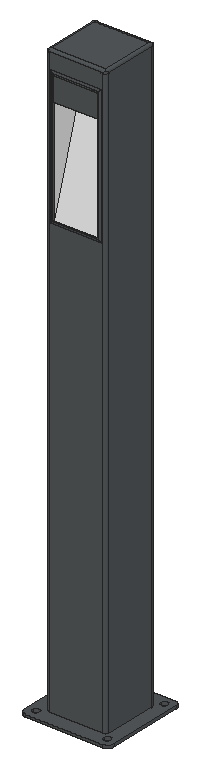
Revit family "svetilnik_alfresco_ar deko_dtu19", category Lighting Fixtures, Revit 2016 (continued)
Definition of nested family "Источник света Ар_Деко"
  Types (5, lengths in mm): name | Photometric Web File | built-in parameter 1150142
        18.3      12.6       8.4       3.3       0.6\r\n       0.2       0.2       0.2       0.2       0.2       0.2       0.2       0.2\r\n       0.2       0.2       0.2       0.2       0.2       0.2       0.2       0.2\r\n       0.2       0.2       0.2       0.2       0.2       0.2       0.2       0.2\r\n       0.2       0.2       0.2       0.2       0.2       0.2       0.2       0.2\r\n       0.2       0.2       0.2       0.2       0.2       0.2       0.2       0.2\r\n       0.2       0.2       0.2       0.2       0.2       0.2       0.2       0.2\r\n       0.2       0.2       0.2       0.2       0.2       0.2       0.2       0.2\r\n       0.2       0.2       0.2       0.2       0.2       0.2       0.2       0.2\r\n       0.2       0.2       0.2       0.2       0.2       0.2       0.2       0.2\r\n       0.2       0.2       0.2       0.2       0.2       0.2       0.2       0.2\r\n       0.2       0.2       0.2       0.1       0.1       0.1       0.0       0.0\r\n       0.0       0.0       0.0       0.0       0.0\r\n       0.0       0.0       0.2       0.2       0.2       0.1       0.1       0.2\r\n       0.2       0.3       0.2       0.2       0.2       0.2       0.2       0.2\r\n       0.2       0.2       0.2       0.3       0.6       2.7      10.0      28.9\r\n      51.0      69.2      82.1      91.1     103.5     113.1     127.6     143.3\r\n     158.5     173.3     196.4     215.0     231.0     240.4     240.3     239.1\r\n     237.0     235.1     233.5     232.1     228.9     227.1     223.9     220.4\r\n     219.1     214.1     212.3     207.8     204.4     201.8     198.0     193.8\r\n     191.4     186.6     180.5     176.2     173.2     168.0     163.0     160.5\r\n     156.7     150.9     145.9     140.9     136.2     130.4     122.4     110.3\r\n      97.0      85.8      78.2      68.9      63.0      55.0      48.3      42.6\r\n      36.3      30.9      24.8      18.3      13.3       8.7       3.3       0.6\r\n       0.2       0.2       0.2       0.2       0.2       0.2       0.2       0.2\r\n       0.2       0.2       0.2       0.2       0.2       0.2       0.2       0.2\r\n       0.2       0.2       0.2       0.2       0.2       0.2       0.2       0.2\r\n       0.2       0.2       0.2       0.2       0.2       0.2       0.2       0.2\r\n       0.2       0.2       0.2       0.2       0.2       0.2       0.2       0.2\r\n       0.2       0.2       0.2       0.2       0.2       0.2       0.2       0.2\r\n       0.2       0.2       0.2       0.2       0.2       0.2       0.2       0.2\r\n       0.2       0.2       0.2       0.2       0.2       0.2       0.2       0.2\r\n       0.2       0.2       0.2       0.2       0.2       0.2       0.2       0.2\r\n       0.2       0.2       0.2       0.2       0.2       0.2       0.2       0.2\r\n       0.2       0.2       0.2       0.1       0.1       0.1       0.0       0.0\r\n       0.0       0.0       0.0       0.0       0.0\r\n       0.0       0.0       0.2       0.2       0.2       0.1       0.1       0.2\r\n       0.2       0.3       0.2       0.2       0.2       0.2       0.2       0.2\r\n       0.2       0.2       0.3       1.1       4.9      21.5      39.7      75.9\r\n     102.0     121.2     138.1     153.3     165.6     179.3     196.4     209.4\r\n     231.7     246.7     263.9     273.7     274.7     271.7     270.1     265.3\r\n     265.4     262.5     259.9     256.1     251.1     249.9     245.6     244.8\r\n     240.7     238.6     235.2     233.0     230.2     225.6     220.7     217.4\r\n     214.1     210.5     206.8     202.6     196.6     191.8     189.1     184.1\r\n     177.9     172.6     168.1     161.2     152.0     138.5     121.7     106.8\r\n      94.8      84.9      75.3      68.9      61.2      53.9      48.6      40.9\r\n      36.0      29.0      22.0      16.2      11.8       6.1       1.6       0.2\r\n       0.2       0.2       0.2       0.2       0.2       0.2       0.2       0.2\r\n       0.2       0.2       0.2       0.2       0.2       0.2       0.2       0.2\r\n       0.2       0.2       0.2       0.2       0.2       0.2       0.2       0.2\r\n       0.2       0.2       0.2       0.2       0.2       0.2       0.2       0.2\r\n       0.2       0.2       0.2       0.2       0.2       0.2       0.2       0.2\r\n       0.2       0.2       0.2       0.2       0.2       0.2       0.2       0.2\r\n       0.2       0.2       0.2       0.2       0.2       0.2       0.2       0.2\r\n       0.2       0.2       0.2       0.2       0.2       0.2       0.2       0.2\r\n       0.2       0.2       0.2       0.2       0.2       0.2       0.2       0.2\r\n       0.2       0.2       0.2       0.2       0.2       0.2       0.2       0.2\r\n       0.2       0.2       0.2       0.1       0.1       0.1       0.0       0.0\r\n       0.0       0.0       0.0       0.0       0.0\r\n       0.0       0.0       0.2       0.2       0.2       0.1       0.1       0.2\r\n       0.2       0.3       0.3       0.2       0.2       0.2       0.2       0.2\r\n       0.2       0.3       0.8       7.3      26.2      70.9     101.4     129.8\r\n     149.7     165.0     184.1     199.7     216.8     231.7     252.9     274.3\r\n     302.0     310.8     310.9     308.5     306.9     304.8     302.2     300.3\r\n     297.0     295.9     293.4     290.5     289.5     284.5     285.9     282.2\r\n     279.0     275.3     271.1     268.2     265.3     262.7     257.2     252.7\r\n     248.0     243.1     238.0     233.9     229.0     222.8     217.6     211.7\r\n     207.8     201.7     193.5     180.9     162.7     143.0     125.4     113.7\r\n     101.9      91.7      84.5      72.8      65.7      58.1      50.2      42.9\r\n      37.5      29.7      23.2      17.6      12.2       5.3       1.0       0.2\r\n       0.2       0.2       0.2       0.2       0.2       0.2       0.2       0.2\r\n       0.2       0.2       0.2       0.2       0.2       0.2       0.2       0.2\r\n       0.2       0.2       0.2       0.2       0.2       0.2       0.2       0.2\r\n       0.2       0.2       0.2       0.2       0.2       0.2       0.2       0.2\r\n       0.2       0.2       0.2       0.2       0.2       0.2       0.2       0.2\r\n       0.2       0.2       0.2       0.2       0.2       0.2       0.2       0.2\r\n       0.2       0.2       0.2       0.2       0.2       0.2       0.2       0.2\r\n       0.2       0.2       0.2       0.2       0.2       0.2       0.2       0.2\r\n       0.2       0.2       0.2       0.2       0.2       0.2       0.2       0.2\r\n       0.2       0.2       0.2       0.2       0.2       0.2       0.2       0.2\r\n       0.2       0.2       0.2       0.1       0.1       0.1       0.0       0.0\r\n       0.0       0.0       0.0       0.0       0.0\r\n       0.0       0.0       0.2       0.2       0.2       0.1       0.1       0.2\r\n       0.2       0.3       0.3       0.2       0.2       0.2       0.2       0.2\r\n       0.2       0.8       6.1      31.8      73.5     116.2     144.5     165.1\r\n     184.2     200.7     222.1     245.2     266.4     285.2     315.5     329.3\r\n     337.4     337.7     335.2     329.7     330.8     328.7     327.2     327.9\r\n     326.1     324.2     320.9     317.8     315.7     316.1     312.0     310.4\r\n     306.6     302.1     301.1     296.1     292.2     286.6     281.7     279.1\r\n     273.5     268.1     263.5     257.3     251.2     245.9     240.8     234.8\r\n     227.9     217.7     203.8     180.2     154.4     136.6     127.3     113.7\r\n     105.4      95.2      85.8      77.4      70.0      60.7      52.1      45.5\r\n      35.2      27.1      20.6      16.0       9.7       2.6       0.2       0.2\r\n       0.2       0.2       0.2       0.2       0.2       0.2       0.2       0.2\r\n       0.2       0.2       0.2       0.2       0.2       0.2       0.2       0.2\r\n       0.2       0.2       0.2       0.2       0.2       0.2       0.2       0.2\r\n       0.2       0.2       0.2       0.2       0.2       0.2       0.2       0.2\r\n       0.2       0.2       0.2       0.2       0.2       0.2       0.2       0.2\r\n       0.2       0.2       0.2       0.2       0.2       0.2       0.2       0.2\r\n       0.2       0.2       0.2       0.2       0.2       0.2       0.2       0.2\r\n       0.2       0.2       0.2       0.2       0.2       0.2       0.2       0.2\r\n       0.2       0.2       0.2       0.2       0.2       0.2       0.2       0.2\r\n       0.2       0.2       0.2       0.2       0.2       0.2       0.2       0.2\r\n       0.2       0.2       0.2       0.1       0.1       0.1       0.0       0.0\r\n       0.0       0.0       0.0       0.0       0.0\r\n       0.0       0.0       0.2       0.2       0.2       0.1       0.1       0.2\r\n       0.2       0.3       0.3       0.2       0.2       0.2       0.2       0.2\r\n       0.5       5.2      27.5      78.0     123.6     152.7     172.7     192.1\r\n     210.3     233.5     261.9     289.8     322.4     351.4     369.7     368.6\r\n     370.3     369.8     368.0     371.7     371.5     367.1     365.4     364.6\r\n     361.0     360.0     356.9     354.0     350.0     347.4     341.3     337.9\r\n     334.6     331.8     329.6     323.8     318.5     314.3     309.9     304.3\r\n     298.2     294.0     289.4     282.3     276.5     269.7     261.9     254.8\r\n     243.0     224.7     200.3     174.0     157.5     144.6     132.6     122.4\r\n     113.8     102.2      93.1      86.9      76.4      67.9      59.8      50.0\r\n      37.7      30.5      22.5      16.5       8.8       1.1       0.3       0.2\r\n       0.2       0.2       0.2       0.2       0.2       0.2       0.2       0.2\r\n       0.2       0.2       0.2       0.2       0.2       0.2       0.2       0.2\r\n       0.2       0.2       0.2       0.2       0.2       0.2       0.2       0.2\r\n       0.2       0.2       0.2       0.2       0.2       0.2       0.2       0.2\r\n       0.2       0.2       0.2       0.2       0.2       0.2       0.2       0.2\r\n       0.2       0.2       0.2       0.2       0.2       0.2       0.2       0.2\r\n       0.2       0.2       0.2       0.2       0.2       0.2       0.2       0.2\r\n       0.2       0.2       0.2       0.2       0.2       0.2       0.2       0.2\r\n       0.2       0.2       0.2       0.2       0.2       0.2       0.2       0.2\r\n       0.2       0.2       0.2       0.2       0.2       0.2       0.2       0.2\r\n       0.2       0.2       0.2       0.1       0.1       0.1       0.0       0.0\r\n       0.0       0.0       0.0       0.0       0.0\r\n       0.0       0.0       0.3       0.2       0.2       0.1       0.1       0.2\r\n       0.2       0.3       0.3       0.3       0.2       0.2       0.2       0.3\r\n       3.1      21.2      67.2     118.9     156.9     184.0     202.8     224.9\r\n     253.9     283.1     315.6     351.6     390.7     398.7     404.7     404.9\r\n     404.1     402.5     399.5     401.0     395.8     396.0     393.3     387.9\r\n     383.9     378.4     376.8     375.3     374.9     368.0     365.2     359.1\r\n     356.1     353.7     346.7     343.1     340.7     334.6     331.1     325.6\r\n     321.5     314.4     307.8     301.5     294.9     287.3     278.6     264.0\r\n     242.6     216.2     191.0     176.3     163.3     148.6     138.2     129.7\r\n     117.6     106.6      99.5      89.8      77.6      69.3      60.2      49.1\r\n      37.9      29.4      21.7      13.5       5.2       0.5       0.2       0.2\r\n       0.2       0.2       0.2       0.2       0.2       0.2       0.2       0.2\r\n       0.2       0.2       0.2       0.2       0.2       0.2       0.2       0.2\r\n       0.2       0.2       0.2       0.2       0.2       0.2       0.2       0.2\r\n       0.2       0.2       0.2       0.2       0.2       0.2       0.2       0.2\r\n       0.2       0.2       0.2       0.2       0.2       0.2       0.2       0.2\r\n       0.2       0.2       0.2       0.2       0.2       0.2       0.2       0.2\r\n       0.2       0.2       0.2       0.2       0.2       0.2       0.2       0.2\r\n       0.2       0.2       0.2       0.2       0.2       0.2       0.2       0.2\r\n       0.2       0.2       0.2       0.2       0.2       0.2       0.2       0.2\r\n       0.2       0.2       0.2       0.2       0.2       0.2       0.2       0.2\r\n       0.2       0.2       0.2       0.1       0.1       0.1       0.0       0.0\r\n       0.0       0.0       0.0       0.0       0.0\r\n       0.0       0.0       0.3       0.2       0.2       0.1       0.1       0.2\r\n       0.2       0.3       0.3       0.3       0.2       0.2       0.2       0.8\r\n      14.4      52.6     107.3     151.6     183.7     211.6     239.1     268.3\r\n     305.2     333.6     383.3     426.3     441.7     443.4     441.4     439.5\r\n     435.1     431.8     433.1     424.9     425.2     417.8     414.7     416.5\r\n     413.6     411.5     407.3     403.6     395.5     395.7     393.1     391.3\r\n     388.2     378.2     373.8     367.2     362.1     358.5     352.9     349.2\r\n     342.4     334.7     331.1     325.3     318.6     306.8     291.4     265.3\r\n     241.4     218.7     201.0     186.3     170.9     159.8     148.3     134.4\r\n     120.9     111.0     104.0      92.3      85.0      75.3      63.7      51.4\r\n      43.0      35.2      25.7      13.3       3.6       0.2       0.2       0.2\r\n       0.2       0.2       0.2       0.2       0.2       0.2       0.2       0.2\r\n       0.2       0.2       0.2       0.2       0.2       0.2       0.2       0.2\r\n       0.2       0.2       0.2       0.2       0.2       0.2       0.2       0.2\r\n       0.2       0.2       0.2       0.2       0.2       0.2       0.2       0.2\r\n       0.2       0.2       0.2       0.2       0.2       0.2       0.2       0.2\r\n       0.2       0.2       0.2       0.2       0.2       0.2       0.2       0.2\r\n       0.2       0.2       0.2       0.3       0.2       0.2       0.2       0.2\r\n       0.2       0.2       0.2       0.2       0.2       0.2       0.2       0.2\r\n       0.2       0.2       0.2       0.2       0.2       0.2       0.2       0.2\r\n       0.2       0.2       0.2       0.2       0.2       0.2       0.2       0.2\r\n       0.2       0.2       0.2       0.1       0.1       0.1       0.0       0.0\r\n       0.0       0.1       0.0       0.0       0.0\r\n       0.0       0.0       0.3       0.2       0.2       0.2       0.1       0.2\r\n       0.2       0.3       0.3       0.3       0.3       0.2       0.4       4.2\r\n      38.7      91.8     142.6     177.8     210.1     239.1     276.4     319.6\r\n     356.1     408.2     452.9     472.9     474.4     473.3     472.7     468.8\r\n     466.3     465.9     461.5     459.6     455.0     453.3     452.5     448.0\r\n     447.8     444.2     441.8     436.9     433.1     428.9     427.2     417.4\r\n     413.7     412.0     407.4     404.9     399.7     391.7     385.5     376.6\r\n     370.7     366.2     360.9     352.0     341.6     328.1     301.2     273.9\r\n     248.3     231.6     221.1     202.5     186.2     176.7     160.2     147.4\r\n     136.6     124.4     112.1      99.8      92.2      79.9      67.1      55.4\r\n      44.8      37.5      24.3       9.8       1.5       0.3       0.2       0.2\r\n       0.2       0.2       0.2       0.2       0.2       0.2       0.2       0.2\r\n       0.2       0.2       0.2       0.2       0.2       0.2       0.2       0.2\r\n       0.2       0.2       0.2       0.2       0.2       0.2       0.2       0.2\r\n       0.2       0.2       0.2       0.2       0.2       0.2       0.2       0.2\r\n       0.2       0.2       0.2       0.2       0.2       0.2       0.2       0.2\r\n       0.2       0.2       0.2       0.2       0.2       0.2       0.2       0.2\r\n       0.2       0.2       0.2       0.2       0.3       0.2       0.2       0.2\r\n       0.2       0.2       0.2       0.2       0.2       0.2       0.2       0.2\r\n       0.2       0.2       0.2       0.2       0.2       0.2       0.2       0.2\r\n       0.2       0.2       0.2       0.2       0.2       0.2       0.2       0.2\r\n       0.2       0.2       0.2       0.1       0.1       0.1       0.0       0.0\r\n       0.0       0.1       0.0       0.0       0.0\r\n       0.0       0.0       0.3       0.2       0.2       0.2       0.2       0.2\r\n       0.2       0.3       0.3       0.3       0.3       0.3       1
      .6      17.1\r\n      70.7     127.6     169.2     200.9     233.3     270.9     318.0     360.7\r\n     412.2     478.7     503.3     505.5     507.3     507.4     503.8     503.1\r\n     503.7     501.1     501.8     500.2     497.7     495.5     490.5     489.3\r\n     486.2     483.3     479.6     478.9     475.2     473.6     465.7     460.3\r\n     458.4     453.9     450.2     443.7     436.4     434.0     427.0     424.6\r\n     420.4     413.0     405.2     393.4     376.0     350.9     326.7     296.4\r\n     278.8     261.1     242.1     230.1     219.4     206.0     188.9     175.8\r\n     164.5     149.4     137.8     125.5     112.2      96.6      78.5      64.0\r\n      51.0      39.0      23.5       7.4       1.4       0.2       0.2       0.2\r\n       0.2       0.2       0.2       0.2       0.2       0.2       0.2       0.2\r\n       0.2       0.2       0.2       0.2       0.2       0.2       0.2       0.2\r\n       0.2       0.2       0.2       0.2       0.2       0.2       0.2       0.2\r\n       0.2       0.2       0.2       0.2       0.2       0.2       0.2       0.2\r\n       0.2       0.2       0.2       0.2       0.2       0.2       0.2       0.2\r\n       0.2       0.2       0.2       0.2       0.2       0.2       0.2       0.2\r\n       0.2       0.2       0.2       0.2       0.2       0.2       0.2       0.2\r\n       0.2       0.2       0.2       0.2       0.2       0.2       0.2       0.2\r\n       0.2       0.2       0.2       0.2       0.2       0.2       0.2       0.2\r\n       0.2       0.2       0.2       0.2       0.2       0.2       0.2       0.2\r\n       0.2       0.2       0.2       0.1       0.1       0.1       0.0       0.0\r\n       0.0       0.1       0.0       0.0       0.0\r\n       0.0       0.0       0.3       0.2       0.2       0.2       0.2       0.2\r\n       0.2       0.3       0.3       0.3       0.3       0.3       5.4      42.1\r\n     104.4     155.2     190.4     224.0     260.7     306.6     353.2     401.1\r\n     468.3     505.9     515.3     514.4     515.1     513.3     511.9     512.3\r\n     511.4     508.1     503.7     502.5     502.3     499.8     501.4     499.0\r\n     495.2     490.1     489.9     484.8     484.4     476.4     476.3     476.7\r\n     471.3     463.1     458.1     455.8     447.8     442.1     439.2     432.1\r\n     425.8     417.7     407.5     391.4     367.5     337.0     309.3     291.4\r\n     274.2     260.3     243.4     230.0     218.1     199.7     186.0     177.4\r\n     163.4     147.4     136.6     125.3     106.9      91.7      75.2      63.9\r\n      54.9      38.2      20.3       2.6       0.3       0.2       0.2       0.2\r\n       0.2       0.2       0.2       0.2       0.2       0.2       0.2       0.2\r\n       0.2       0.2       0.2       0.2       0.2       0.2       0.2       0.2\r\n       0.2       0.2       0.2       0.2       0.2       0.2       0.2       0.2\r\n       0.2       0.2       0.2       0.2       0.2       0.2       0.2       0.2\r\n       0.2       0.2       0.2       0.2       0.2       0.2       0.2       0.2\r\n       0.2       0.2       0.2       0.2       0.2       0.2       0.2       0.2\r\n       0.2       0.2       0.2       0.2       0.2       0.2       0.2       0.2\r\n       0.2       0.2       0.2       0.2       0.2       0.2       0.2       0.2\r\n       0.2       0.2       0.2       0.2       0.2       0.2       0.2       0.2\r\n       0.2       0.2       0.2       0.2       0.2       0.2       0.2       0.2\r\n       0.2       0.2       0.2       0.1       0.1       0.1       0.0       0.0\r\n       0.0       0.1       0.0       0.0       0.0\r\n       0.0       0.0       0.3       0.2       0.3       0.2       0.2       0.2\r\n       0.2       0.3       0.3       0.3       0.3       0.5      14.8      70.1\r\n     134.3     177.3     210.4     247.0     291.6     339.1     382.2     449.7\r\n     510.8     519.7     519.7     521.6     521.5     517.1     518.0     517.1\r\n     515.1     514.8     513.7     513.0     512.1     512.4     507.9     502.8\r\n     502.5     500.8     495.2     492.0     487.9     492.2     486.0     476.8\r\n     475.7     472.9     466.5     459.8     457.2     451.4     446.4     441.2\r\n     432.4     420.4     405.7     381.4     353.1     326.7     306.2     291.8\r\n     273.0     256.2     245.4     234.2     216.9     202.7     190.6     180.3\r\n     165.8     148.6     139.2     124.4     105.4      89.4      76.2      64.5\r\n      51.4      33.9      16.4       3.6       0.3       0.2       0.2       0.2\r\n       0.2       0.2       0.2       0.2       0.2       0.2       0.2       0.2\r\n       0.2       0.2       0.2       0.2       0.2       0.2       0.2       0.2\r\n       0.2       0.2       0.2       0.2       0.2       0.2       0.2       0.2\r\n       0.2       0.2       0.2       0.2       0.2       0.2       0.2       0.2\r\n       0.2       0.2       0.2       0.2       0.2       0.2       0.2       0.2\r\n       0.2       0.2       0.2       0.2       0.2       0.2       0.2       0.2\r\n       0.2       0.2       0.2       0.2       0.2       0.2       0.2       0.2\r\n       0.2       0.2       0.2       0.2       0.2       0.2       0.2       0.2\r\n       0.2       0.2       0.2       0.2       0.2       0.2       0.2       0.2\r\n       0.2       0.2       0.2       0.2       0.2       0.2       0.2       0.2\r\n       0.2       0.2       0.2       0.1       0.1       0.1       0.0       0.0\r\n       0.0       0.1       0.0       0.0       0.0\r\n       0.0       0.0       0.3       0.2       0.3       0.2       0.2       0.2\r\n       0.2       0.3       0.3       0.3       0.3       1.4      33.1      96.2\r\n     153.9     193.3     228.3     268.6     317.0     360.6     413.7     488.5\r\n     517.8     521.4     520.2     519.8     521.0     518.9     521.0     519.8\r\n     518.2     519.0     520.0     517.6     516.1     515.6     513.2     511.7\r\n     509.3     504.9     501.8     500.4     497.1     489.2     487.4     484.4\r\n     479.2     472.6     470.9     469.3     462.8     457.2     450.3     443.3\r\n     433.7     420.6     392.5     364.2     337.4     315.8     302.3     283.5\r\n     267.5     254.6     245.0     227.3     209.2     200.5     190.2     172.2\r\n     157.6     146.6     134.6     119.2     103.9      86.7      72.5      63.8\r\n      44.9      26.1       9.7       1.4       0.2       0.2       0.2       0.2\r\n       0.2       0.2       0.2       0.2       0.2       0.2       0.2       0.2\r\n       0.2       0.2       0.2       0.2       0.2       0.2       0.2       0.2\r\n       0.2       0.2       0.2       0.2       0.2       0.2       0.2       0.2\r\n       0.2       0.2       0.2       0.2       0.2       0.2       0.2       0.2\r\n       0.2       0.2       0.2       0.2       0.2       0.2       0.2       0.2\r\n       0.2       0.2       0.2       0.2       0.2       0.2       0.2       0.2\r\n       0.2       0.2       0.2       0.2       0.2       0.2       0.2       0.2\r\n       0.2       0.2       0.2       0.2       0.2       0.2       0.2       0.2\r\n       0.2       0.2       0.2       0.2       0.2       0.2       0.2       0.2\r\n       0.2       0.2       0.2       0.2       0.2       0.2       0.2       0.2\r\n       0.2       0.2       0.2       0.1       0.1       0.1       0.0       0.0\r\n       0.0       0.1       0.0       0.0       0.0\r\n       0.0       0.0       0.3       0.2       0.3       0.2       0.2       0.2\r\n       0.2       0.3       0.3       0.3       0.3       4.8      57.0     121.9\r\n     168.3     205.0     244.5     288.2     334.0     383.8     451.8     509.6\r\n     518.4     519.8     522.3     523.9     524.9     525.5     524.3     523.7\r\n     523.2     523.8     519.7     521.7     519.5     517.7     514.9     511.4\r\n     509.2     509.4     509.6     505.6     501.1     499.3     493.0     487.0\r\n     486.7     485.6     478.7     472.2     465.9     458.7     453.0     446.0\r\n     435.5     415.2     391.0     362.2     336.0     317.7     298.6     284.1\r\n     271.3     260.4     248.3     230.6     214.8     204.5     194.0     174.1\r\n     161.1     151.6     137.4     119.1     102.8      85.1      73.6      62.6\r\n      48.0      26.5       8.5       0.7       0.2       0.2       0.2       0.2\r\n       0.2       0.2       0.2       0.2       0.2       0.2       0.2       0.2\r\n       0.2       0.2       0.2       0.2       0.2       0.2       0.2       0.2\r\n       0.2       0.2       0.2       0.2       0.2       0.2       0.2       0.2\r\n       0.2       0.2       0.2       0.2       0.2       0.2       0.2       0.2\r\n       0.2       0.2       0.2       0.2       0.2       0.2       0.2       0.2\r\n       0.2       0.2       0.2       0.2       0.2       0.2       0.2       0.2\r\n       0.2       0.2       0.2       0.2       0.2       0.2       0.2       0.2\r\n       0.2       0.2       0.2       0.2       0.2       0.2       0.2       0.2\r\n       0.2       0.2       0.2       0.2       0.2       0.2       0.2       0.2\r\n       0.2       0.2       0.2       0.2       0.2       0.2       0.2       0.2\r\n       0.2       0.2       0.2       0.1       0.1       0.1       0.0       0.0\r\n       0.0       0.1       0.0       0.0       0.0\r\n       0.0       0.0       0.3       0.2       0.3       0.2       0.2       0.2\r\n       0.2       0.3       0.3       0.3       0.3      13.8      78.5     141.8\r\n     183.3     221.0     261.1     306.3     351.7     416.3     488.6     518.7\r\n     521.9     522.4     526.0     526.3     525.0     527.3     523.8     525.3\r\n     525.6     523.5     526.1     522.7     520.1     516.7     515.5     513.7\r\n     515.2     511.0     504.9     505.7     502.5     498.1     500.2     495.8\r\n     488.1     481.5     478.2     472.3     469.0     467.0     462.5     452.1\r\n     432.6     399.2     369.5     344.7     326.4     313.1     297.3     279.2\r\n     267.9     259.3     240.2     223.7     215.5     202.9     186.8     171.8\r\n     161.9     151.6     133.1     118.7      99.3      82.3      72.0      54.8\r\n      35.6      17.2       4.5       0.5       0.2       0.2       0.2       0.2\r\n       0.2       0.2       0.2       0.2       0.2       0.2       0.2       0.2\r\n       0.2       0.2       0.2       0.2       0.2       0.2       0.2       0.2\r\n       0.2       0.2       0.2       0.2       0.2       0.2       0.2       0.2\r\n       0.2       0.2       0.2       0.2       0.2       0.2       0.2       0.2\r\n       0.2       0.2       0.2       0.2       0.2       0.2       0.2       0.2\r\n       0.2       0.2       0.2       0.2       0.2       0.2       0.2       0.2\r\n       0.2       0.2       0.2       0.2       0.2       0.2       0.2       0.2\r\n       0.2       0.2       0.2       0.2       0.2       0.2       0.2       0.2\r\n       0.2       0.2       0.2       0.2       0.2       0.2       0.2       0.2\r\n       0.2       0.2       0.2       0.2       0.2       0.3       0.3       0.2\r\n       0.2       0.2       0.2       0.1       0.1       0.1       0.0       0.1\r\n       0.1       0.1       0.0       0.0       0.0\r\n       0.0       0.0       0.3       0.2       0.3       0.2       0.2       0.2\r\n       0.3       0.3       0.3       0.3       0.5      27.7      98.1     156.7\r\n     200.1     240.8     281.7     327.0     377.5     451.7     514.6     526.2\r\n     529.5     531.5     530.1     530.7     529.3     528.6     530.3     530.2\r\n     529.8     527.5     522.1     524.1     526.6     526.8     524.1     522.6\r\n     519.6     522.4     516.4     510.0     506.4     505.1     499.7     491.9\r\n     490.7     487.4     483.4     481.6     474.6     465.6     458.0     439.7\r\n     418.2     393.1     365.6     343.1     326.1     307.9     292.8     280.7\r\n     271.9     258.6     239.0     222.4     212.3     202.2     182.4     168.8\r\n     160.2     144.4     130.1     111.9      95.2      81.1      72.6      59.8\r\n      40.0      17.4       2.3       0.2       0.2       0.2       0.2       0.2\r\n       0.2       0.2       0.2       0.2       0.2       0.2       0.2       0.2\r\n       0.2       0.2       0.2       0.2       0.2       0.2       0.2       0.2\r\n       0.2       0.2       0.2       0.2       0.2       0.2       0.2       0.2\r\n       0.2       0.2       0.2       0.2       0.2       0.2       0.2       0.2\r\n       0.2       0.2       0.2       0.2       0.2       0.2       0.2       0.2\r\n       0.2       0.2       0.2       0.2       0.2       0.2       0.2       0.2\r\n       0.2       0.2       0.2       0.2       0.2       0.2       0.2       0.2\r\n       0.2       0.2       0.2       0.2       0.2       0.2       0.2       0.2\r\n       0.2       0.2       0.2       0.2       0.2       0.2       0.2       0.2\r\n       0.2       0.2       0.2       0.2       0.2       0.3       0.3       0.2\r\n       0.2       0.2       0.2       0.1       0.1       0.1       0.0       0.1\r\n       0.1       0.1       0.0       0.0       0.0\r\n       0.0       0.0       0.3       0.2       0.3       0.2       0.2       0.2\r\n       0.3       0.3       0.3       0.3       0.9      43.2     115.9     169.9\r\n     214.3     254.2     298.3     350.3     408.5     488.3     531.2     535.2\r\n     535.3     536.0     534.6     532.2     532.0     533.0     531.1     529.1\r\n     526.0     528.2     531.8     529.5     529.6     528.6     522.4     522.1\r\n     518.2     512.8     509.7     508.5     506.5     505.9     500.0     498.0\r\n     496.0     491.2     485.8     478.5     476.8     470.8     460.2     442.0\r\n     412.6     383.3     355.3     338.2     325.9     308.0     291.6     278.3\r\n     265.0     247.2     230.5     223.1     214.2     199.4     180.5     171.7\r\n     164.3     145.1     126.6     107.6      90.0      79.9      66.5      49.2\r\n      30.2      11.2       0.9       0.2       0.2       0.2       0.2       0.2\r\n       0.2       0.2       0.2       0.2       0.2       0.2       0.2       0.2\r\n       0.2       0.2       0.2       0.2       0.2       0.2       0.2       0.2\r\n       0.2       0.2       0.2       0.2       0.2       0.2       0.2       0.2\r\n       0.2       0.2       0.2       0.2       0.2       0.2       0.2       0.2\r\n       0.2       0.2       0.2       0.2       0.2       0.2       0.2       0.2\r\n       0.2       0.2       0.2       0.2       0.2       0.2       0.2       0.2\r\n       0.2       0.2       0.2       0.2       0.2       0.2       0.2       0.2\r\n       0.2       0.2       0.2       0.2       0.3       0.2       0.2       0.2\r\n       0.2       0.2       0.2       0.2       0.2       0.2       0.2       0.2\r\n       0.2       0.2       0.3       0.3       0.2       0.3       0.3       0.2\r\n       0.2       0.2       0.2       0.1       0.1       0.1       0.1       0.1\r\n       0.1       0.1       0.0       0.0       0.0\r\n       0.0       0.0       0.3       0.2       0.3       0.2       0.2       0.2\r\n       0.3       0.3       0.3       0.3       2.0      60.9     130.4     179.8\r\n     221.7     258.7     308.2     361.1     432.1     516.3     537.6     537.3\r\n     537.1     535.2     532.5     533.8     533.3     533.0     531.4     529.7\r\n     532.8     530.8     529.4     525.7     520.0     520.7     518.7     518.2\r\n     517.4     514.0     514.6     510.8     506.0     504.1     501.9     498.7\r\n     494.7     491.4     490.1     485.6     479.9     469.5     451.1     431.8\r\n     405.0     374.5     351.7     334.2     322.0     301.8     287.1     281.6\r\n     267.1     247.4     233.7     224.9     213.1     196.7     183.6     173.3\r\n     162.7     142.5     125.3     105.4      90.3      81.3      66.3      50.3\r\n      31.3      11.8       1.5       0.2       0.2       0.2       0.2       0.2\r\n       0.2       0.2       0.2       0.2       0.2       0.2       0.2       0.2\r\n       0.2       0.2       0.2       0.2       0.2       0.2       0.2       0.2\r\n       0.2       0.2       0.2       0.2       0.2       0.2       0.2       0.2\r\n       0.2       0.2       0.2       0.2       0.2       0.2       0.2       0.2\r\n       0.2       0.2       0.2       0.2       0.2       0.2       0.2  
